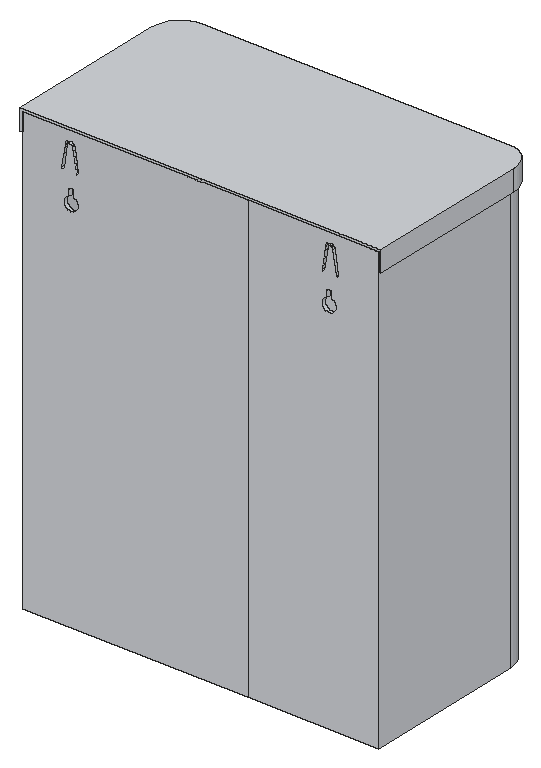
Revit family "AX8923-C_0005", category Appareils sanitaires, Revit 2016
Family settings
  Hôte = Mur
  Type d'élément = Normal
  Cote de connecteur circulaire = Utiliser le diamètre
  Numéro OmniClass = 23.75.00.00
  Titre OmniClass = Climate Control (HVAC)
  Toujours verticalement = Oui
  Couper avec des vides une fois chargée = Non
  Partagée = Non
  Point de calcul de pièce = Non
Parameters (values of type "Type 1")
  URL = "https://www.axeuro.com/fr"
  Modèle = "AX8923-C"  # constant formula
  Matériaux = "En inox 304 (18/10) Bactériostatique"  # constant formula
  Finition = "Brossé Poli Satiné HyperPolish"  # constant formula
  Fabricant = "Axeuro"  # constant formula
  Description = "Poubelle murale"  # constant formula
Reference planes
  plane 1 "Mur": y = 0
  plane 2 "Centre (gauche/droite)": x = 0
  plane 3 "Arrière": y = 75
Forms (mm)
  Extrusion 1, solid
    sketch origin (-142.674, -95, 0) x (1, 0, 0) y (0, 1, 0)
      loop
        line (2.674, 170) -> (179.5, 170) -> (282.674, 170) -> (282.674, 299.853)
        arc (282.674, 299.853) -> (276.773, 314.099) -> (262.527, 320) r 20.147
        line (262.527, 320) -> (182.674, 320) -> (22.821, 320)
        arc (22.821, 320) -> (8.575, 314.099) -> (2.674, 299.853) r 20.147
        line (2.674, 299.853) -> (2.674, 170)
      loop
        line (182.674, 317.6) -> (22.821, 317.6)
        arc (22.821, 317.6) -> (10.272, 312.402) -> (5.074, 299.853) r 17.747
        line (5.074, 299.853) -> (5.074, 172.4) -> (179.5, 172.4) -> (280.274, 172.4) -> (280.274, 299.853)
        arc (280.274, 299.853) -> (275.076, 312.402) -> (262.527, 317.6) r 17.747
        line (262.527, 317.6) -> (182.674, 317.6)
    from 440 to 790
  Extrusion 2, void
    sketch origin (-1.203, 0, 10.01) x (1, 0, 0) y (0, 0, 1)
      loop
        arc (-102.277, 733.673) -> (-100.255, 723.071) -> (-98.316, 733.688) r 5.49
        line (-98.316, 733.688) -> (-98.316, 738.673)
        arc (-98.316, 738.673) -> (-100.297, 740.013) -> (-102.277, 738.673) r 2.134
        line (-102.277, 738.673) -> (-102.277, 733.673)
    from -75 to -77.6
  Extrusion 3, void
    sketch origin (1.599, 0, 0) x (1, 0, 0) y (0, 0, 1)
      loop
        arc (-110.599, 762.273) -> (-109.999, 761.023) -> (-108.761, 761.649) r 0.971
        line (-108.761, 761.649) -> (-105.929, 779.052)
        arc (-105.929, 779.052) -> (-104.014, 780.967) -> (-102.099, 779.052) r 1.915
        line (-102.099, 779.052) -> (-99.267, 761.649)
        arc (-99.267, 761.649) -> (-98.029, 761.023) -> (-97.429, 762.273) r 0.971
        line (-97.429, 762.273) -> (-100.012, 779.039)
        arc (-100.012, 779.039) -> (-103.942, 782.968) -> (-107.871, 779.039) r 3.93
        line (-107.871, 779.039) -> (-110.599, 762.273)
    from -77.4 to -75
  Extrusion 4, solid
    sketch origin (0.5, 0, 240) x (1, 0, 0) y (0, 1, 0)
      loop
        line (-140.5, 204.853) -> (-140.5, 75) -> (36.326, 75) -> (139.5, 75) -> (139.5, 204.853)
        arc (139.5, 204.853) -> (133.599, 219.099) -> (119.353, 225) r 20.147
        line (119.353, 225) -> (39.5, 225) -> (-120.353, 225)
        arc (-120.353, 225) -> (-134.599, 219.099) -> (-140.5, 204.853) r 20.147
    from 200 to 202.4
  Extrusion 5, void
    sketch origin (1.203, 0, 10.01) x (-1, 0, 0) y (0, 0, -1)
      loop
        line (-102.277, -733.673) -> (-102.277, -738.673)
        arc (-102.277, -738.673) -> (-100.297, -740.013) -> (-98.316, -738.673) r 2.134
        line (-98.316, -738.673) -> (-98.316, -733.688)
        arc (-98.316, -733.688) -> (-100.255, -723.071) -> (-102.277, -733.673) r 5.49
    from -75 to -77.6
  Extrusion 6, void
    sketch origin (-1.599, 0, 0) x (-1, 0, 0) y (0, 0, -1)
      loop
        line (-110.599, -762.273) -> (-107.871, -779.039)
        arc (-107.871, -779.039) -> (-103.942, -782.968) -> (-100.012, -779.039) r 3.93
        line (-100.012, -779.039) -> (-97.429, -762.273)
        arc (-97.429, -762.273) -> (-98.029, -761.023) -> (-99.267, -761.649) r 0.971
        line (-99.267, -761.649) -> (-102.099, -779.052)
        arc (-102.099, -779.052) -> (-104.014, -780.967) -> (-105.929, -779.052) r 1.915
        line (-105.929, -779.052) -> (-108.761, -761.649)
        arc (-108.761, -761.649) -> (-109.999, -761.023) -> (-110.599, -762.273) r 0.971
    from -77.4 to -75
  Extrusion 7, solid
    sketch origin (0, 0, -33.623) x (1, 0, 0) y (0, 1, 0)
      loop
        line (-142, 75) -> (0, 75) -> (142, 75) -> (142, 205)
        arc (142, 205) -> (136.044, 220.509) -> (120.75, 227) r 21.263
        line (120.75, 227) -> (0, 227) -> (-120.75, 227)
        arc (-120.75, 227) -> (-136.044, 220.509) -> (-142, 205) r 21.263
        line (-142, 205) -> (-142, 75)
    from 809.623 to 825.623
  Extrusion 8, void
    sketch origin (0, 0, 0) x (1, 0, 0) y (0, 0, 1)
      loop
        line (-140, 776) -> (140, 776) -> (140, 790) -> (-140, 790) -> (-140, 776)
    from -77.4 to -75
Cuts and joins
  Extrusion 2, Extrusion 3, Extrusion 5, Extrusion 6 cuts Extrusion 1
  Extrusion 5, Extrusion 6 cuts Extrusion 4
  joined: Extrusion 1, Extrusion 4
  Extrusion 8 cuts Extrusion 7
Text (mm)
  text "Côté de la mise en place" at (-1820.995, 1116.779, 0), in view "Niveau de réf."
  text "Côté de la mise en place" at (0, 1334.055, 2976.191), in view "Gauche"
  text "Côté de la mise en place" at (0, 439.194, 2944.362), in view "Droite"
Dimensions and locks
  locked: plane 3 "Arrière" to host wall
  aligned and locked: plane 1 "Mur" to host wall
